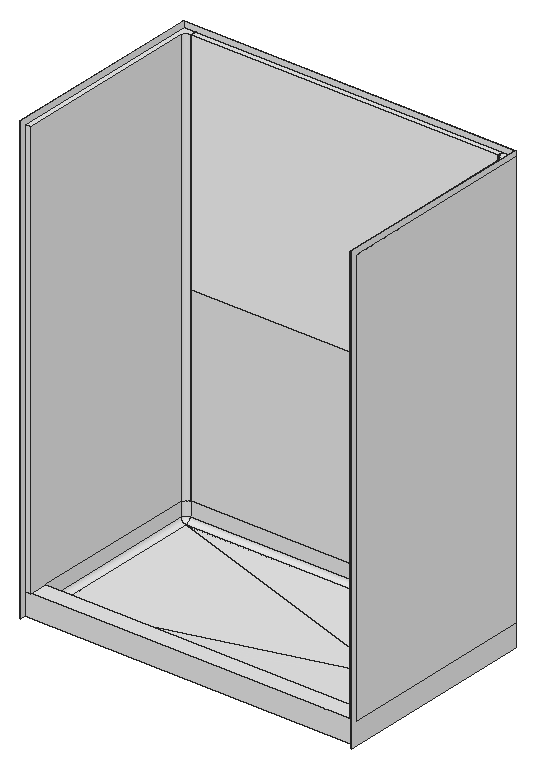
Revit family "5LRS6036SQFB.V2 L-R", category Plumbing Fixtures, Revit 2019
Family settings
  Round Connector Dimension = Use Diameter
  Part Type = Normal
  OmniClass Number = 23.45.05.14.17
  OmniClass Title = Showers
  Work Plane-Based = No
  Always vertical = Yes
  Cut with Voids When Loaded = No
  Shared = No
  Room Calculation Point = No
Parameters (values of type "5LRS6030FBSQ.V2 L/R")
  Unit Width = 60"
  Unit Height = 80 1/2"
  Unit Depth = 37"
  URL = "http://www.bestbath.com/"
  Type Comments = "Remodeler"
  Model = "5LRS6030FBSQ.V2 L/R"
  Material [instance] = Best Bath Gelcoat Fiberglass - Smooth
  Manufacturer = "Best Bath Systems, Inc."
  Keynote = "22 40 00.B3"
  Description = "Real Tile Finish"
  Assembly Code = "D2010710"
Reference planes (in)
  plane 1 "Back": y = -0.5
  plane 2: z = 0
  plane 3 "Left": x = 0
  plane 4: x = 60
  plane 5: z = 4
  plane 6: x = 51.5
  plane 7: y = 35.5
  plane 8: y = 17.5
  plane 9: x = 1.25
  plane 10: x = 58.75
  plane 11: y = 34.25
  plane 12: z = 0.625
  plane 13: z = 0.25
  plane 14: y = -1.5
  plane 15: z = 5
  plane 16: z = 38.25
  plane 17: z = 80.5
Forms (in)
  Extrusion 1, solid, material "Best Bath Gelcoat Fiberglass - Smooth"
    sketch origin (0, 0, 0) x (1, 0, 0) y (0, 1, 0)
      loop
        line (0, -0.5) -> (1.25, -0.5) -> (1.25, 33.25)
        arc (1.25, 33.25) -> (1.54289, 33.95711) -> (2.25, 34.25) r 1
        line (2.25, 34.25) -> (57.75, 34.25)
        arc (57.75, 34.25) -> (58.45711, 33.95711) -> (58.75, 33.25) r 1
        line (58.75, 33.25) -> (58.75, -0.5) -> (60, -0.5) -> (60, 35.5) -> (0, 35.5) -> (0, -0.5)
    from 0 to 4
  Extrusion 2, solid, material "Best Bath Gelcoat Fiberglass - Smooth"
    sketch origin (0, 0, 0) x (1, 0, 0) y (0, 1, 0)
      loop
        line (0, -0.5) -> (60, -0.5) -> (60, 35.5) -> (0, 35.5) -> (0, -0.5)
    from 0 to 0.625
  Sweep 3, solid, material "Best Bath Gelcoat Fiberglass - Smooth"
    path origin (0, 0, 0) x (1, 0, 0) y (0, 1, 0)
      loop
        line (58.75, -0.5) -> (58.75, 33.25)
        arc (58.75, 33.25) -> (58.45711, 33.95711) -> (57.75, 34.25) r 1
        line (57.75, 34.25) -> (2.25, 34.25)
        arc (2.25, 34.25) -> (1.54289, 33.95711) -> (1.25, 33.25) r 1
        line (1.25, 33.25) -> (1.25, -0.5)
    profile origin (1.25, 16.375, 0) x (1, 0, 0) y (0, 0, 1)
      loop
        line (0, 0.625) -> (0.9, 0.625)
        arc (0.9, 0.625) -> (0.2636, 0.8886) -> (0, 1.525) r 0.9
        line (0, 1.525) -> (0, 0.625)
  Blend 4, void
    base sketch origin (0, 0, 0) x (1, 0, 0) y (0, 1, 0)
      loop
        line (2.25, 3.5147) -> (57.75, 3.5147) -> (57.75, 33.25) -> (2.25, 33.25) -> (2.25, 3.5147)
    top sketch origin (0, 0, 0) x (1, 0, 0) y (0, 1, 0)
      loop
        circle (51.5, 17.5) r 0.10467
    from 0.625 to 0.25
  Sweep 5, solid, material "Best Bath Gelcoat Fiberglass - Smooth"
    path origin (0, 0, 0) x (1, 0, 0) y (0, 1, 0)
      loop
        line (1.25, -0.5) -> (58.75, -0.5)
    profile origin (30, -0.5, 0) x (0, 1, 0) y (0, 0, 1)
      loop
        line (0, 4) -> (0, 0) -> (4.11592, 0) -> (3.00305, 4) -> (0, 4)
  Extrusion 6, solid, material "Best Bath Gelcoat Fiberglass - Smooth"
    sketch origin (0, 0, 0) x (1, 0, 0) y (0, 1, 0)
      loop
        line (0, -1.5) -> (0.125, -1.5) -> (0.125, 35.375) -> (59.875, 35.375) -> (59.875, -1.5) -> (60, -1.5) -> (60, 35.5) -> (0, 35.5) -> (0, -1.5)
    from 5 to 80.5
  Extrusion 7, void
    sketch origin (0, 6, 0.625) x (0, 1, 0) y (1, 0, 0)
      loop
        line (15.5, 49) -> (15.5, 54) -> (7.5, 54) -> (7.5, 49) -> (15.5, 49)
    from 0 to 0.5
  Extrusion 8, void
    sketch origin (21.5, -4, 0.625) x (0, 1, 0) y (1, 0, 0)
      loop
        circle (21.5, 30) r 1.75
    from 0 to 1.25
  Extrusion 9, solid
    sketch origin (0.25, 2, 0.125) x (0, 1, 0) y (-1, 0, 0)
      loop
        line (19.5, -48.75) -> (11.5, -48.75) -> (11.5, -53.75) -> (19.5, -53.75) -> (19.5, -48.75)
    from 0 to 0.25
  Extrusion 10, solid, material "Best Bath Gelcoat Fiberglass - Smooth"
    sketch origin (0, -0.86165, 0) x (1, 0, 0) y (0, 1, 0)
      loop
        line (2.25, 36.36165) -> (2.25, 35.11165) -> (57.75, 35.11165) -> (57.75, 36.36165) -> (2.25, 36.36165)
    from 4 to 38.25
  Extrusion 11, solid, material "Best Bath Gelcoat Fiberglass - Smooth"
    sketch origin (0, -0.86165, 0) x (1, 0, 0) y (0, 1, 0)
      loop
        line (2.25, 36.36165) -> (2.25, 35.11165) -> (57.75, 35.11165) -> (57.75, 36.36165) -> (2.25, 36.36165)
    from 38.25 to 79.5
  Extrusion 12, solid, material "Best Bath Gelcoat Fiberglass - Smooth"
    sketch origin (0.25, -0.86165, 0) x (1, 0, 0) y (0, 1, 0)
      loop
        line (-0.25, 0.36165) -> (1, 0.36165) -> (1, 34.11165)
        arc (1, 34.11165) -> (1.29289, 34.81875) -> (2, 35.11165) r 1
        line (2, 35.11165) -> (2, 36.36165) -> (-0.25, 36.36165) -> (-0.25, 0.36165)
      loop
        line (59.75, 0.36165) -> (59.75, 36.36165) -> (57.5, 36.36165) -> (57.5, 35.11165)
        arc (57.5, 35.11165) -> (58.20711, 34.81875) -> (58.5, 34.11165) r 1
        line (58.5, 34.11165) -> (58.5, 0.36165) -> (59.75, 0.36165)
    from 4 to 79.5
  Extrusion 13, solid, material "Best Bath Gelcoat Fiberglass - Smooth"
    sketch origin (0, 0, 0) x (1, 0, 0) y (0, 1, 0)
      loop
        line (0, 35.5) -> (0, -1.5) -> (0.125, -1.5) -> (0.125, 35.375) -> (59.875, 35.375) -> (59.875, -1.5) -> (60, -1.5) -> (60, 35.5) -> (0, 35.5)
    from 0 to 5
Cuts and joins
  Blend 4, Extrusion 7, Extrusion 8 cuts Extrusion 1
  Blend 4, Extrusion 7, Extrusion 8 cuts Extrusion 2
  Blend 4, Extrusion 7, Extrusion 8 cuts Sweep 3
  Extrusion 7, Extrusion 8 cuts Sweep 5
  Extrusion 7, Extrusion 8 cuts Extrusion 6
  joined: Extrusion 1, Extrusion 2, Sweep 3, Sweep 5, Extrusion 6, Extrusion 13
Dimensions and locks (in)
  "Unit Width": plane 3 "Left" to plane 4
  locked: plane 7 to plane 11 at 1.25
  locked: plane 10 to plane 4 at 1.25
  locked: plane 3 "Left" to plane 9 at 1.25
  locked: plane 7 to plane 8 at 18
  locked: plane 12 to plane 13 at 0.375
  locked: plane 12 to level at 0.625
  locked: plane 14 to plane 1 "Back" at 1
  "Unit Depth": plane 7 to plane 14
  "Unit Height": plane 17 to level
  locked: plane 16 to plane 5 at 34.25
  plane 6 to plane 4 = 8 1/2"
  aligned and locked: level to plane 2
  aligned and locked: Sweep 3 to plane 12
  aligned and locked: Sweep 3 sketch curve to plane 12
  aligned and locked: Extrusion 2 to plane 12
  aligned and locked: plane 8 to Blend 4 sketch curve
  aligned and locked: plane 6 to Blend 4 sketch curve
  aligned and locked: Extrusion 2 to Blend 4
  aligned and locked: Blend 4 to plane 13
  aligned and locked: plane 5 to Extrusion 1
  aligned and locked: plane 5 to Sweep 5
  aligned and locked: Extrusion 9 to cut or joined group 1 (Extrusion 1, Extrusion 2, Sweep 3, Blend 4, Sweep 5, Extrusion 6, Extrusion 7, Extrusion 8, Extrusion 13)  (x3)
  aligned and locked: cut or joined group 1 to Extrusion 9
  aligned and locked: Extrusion 11 to Extrusion 10
  aligned and locked: Extrusion 13 to Extrusion 6
  aligned and locked: plane 17 to Extrusion 6
  aligned and locked: Extrusion 10 to Extrusion 11
  aligned and locked: Extrusion 11 to cut or joined group 1
  aligned and locked: Extrusion 11 to plane 16
Automatic sketch dimensions
  Extrusion 1 sketch curve to plane 3 "Left" = 0"
  Extrusion 1 sketch curve to plane 9 = 0"
  Extrusion 1 sketch curve to plane 11 = 0"
  plane 1 "Back" to Extrusion 1 sketch curve = 0"  (x2)
  Extrusion 1 sketch curve to plane 10 = 0"
  Extrusion 1 sketch curve to plane 4 = 0"
  Extrusion 1 sketch curve to plane 7 = 0"
  plane 9 to Extrusion 1 sketch curve = 1"
  Extrusion 1 sketch curve to plane 10 = 1"
  Extrusion 2 sketch curve to plane 3 "Left" = 0"
  Extrusion 2 sketch curve to plane 4 = 0"
  plane 1 "Back" to Extrusion 2 sketch curve = 0"
  Extrusion 2 sketch curve to plane 7 = 0"
  plane 1 "Back" to Sweep 3 sketch curve = 0"  (x2)
  Sweep 3 sketch curve to plane 9 = 0"
  Sweep 3 sketch curve to plane 11 = 0"
  Sweep 3 sketch curve to plane 10 = 0"
  plane 9 to Sweep 3 sketch curve = 1"
  Sweep 3 sketch curve to Sweep 3 sketch curve = 1"
  profile plane to Sweep 3 sketch curve = 0"
  Sweep 3 sketch curve to profile plane = 0.9"
  plane 9 to Blend 4 sketch curve = 1"
  Blend 4 sketch curve to plane 10 = 1"
  Blend 4 sketch curve to plane 1 "Back" = 4.0147"
  Blend 4 sketch curve to plane 11 = 1"
  plane 1 "Back" to Sweep 5 sketch curve = 0"
  Sweep 5 sketch curve to plane 9 = 0"
  Sweep 5 sketch curve to plane 10 = 0"
  Sweep 5 sketch curve to level = 0"
  Sweep 5 sketch curve to profile plane = 0"
  Sweep 5 sketch curve to Sweep 5 sketch curve = 3.00305"
  Sweep 5 sketch curve to Sweep 5 sketch curve = 4.11592"
  level to Sweep 5 sketch curve = 4"
  Extrusion 6 sketch curve to plane 3 "Left" = 0"
  Extrusion 6 sketch curve to plane 14 = 0"  (x2)
  Extrusion 6 sketch curve to plane 4 = 0"
  Extrusion 6 sketch curve to plane 7 = 0"
  plane 3 "Left" to Extrusion 6 sketch curve = 1/8"
  plane 4 to Extrusion 6 sketch curve = 1/8"
  Extrusion 6 sketch curve to plane 7 = 1/8"
  Extrusion 7 sketch curve to Extrusion 2 = 14"
  Extrusion 7 sketch curve to Extrusion 7 sketch curve = 8"
  Extrusion 7 sketch curve to Extrusion 2 = 6"
  Extrusion 7 sketch curve to Extrusion 7 sketch curve = 5"
  Extrusion 8 sketch curve to Extrusion 2 = 8 1/2"
  Extrusion 8 sketch curve to Extrusion 2 = 18"
  Extrusion 9 sketch curve to Extrusion 7 = 0"  (x4)
  Extrusion 10 sketch curve to plane 11 = 0"
  Extrusion 10 sketch curve to plane 7 = 0"
  plane 9 to Extrusion 10 sketch curve = 1"
  Extrusion 10 sketch curve to plane 10 = 1"
  Extrusion 11 sketch curve to plane 11 = 0"
  Extrusion 11 sketch curve to plane 7 = 0"
  plane 9 to Extrusion 11 sketch curve = 1"
  Extrusion 11 sketch curve to plane 10 = 1"
  Extrusion 12 sketch curve to plane 3 "Left" = 0"
  plane 1 "Back" to Extrusion 12 sketch curve = 0"  (x2)
  Extrusion 12 sketch curve to plane 9 = 0"
  Extrusion 12 sketch curve to plane 11 = 0"  (x2)
  Extrusion 12 sketch curve to plane 7 = 0"  (x2)
  Extrusion 12 sketch curve to plane 10 = 0"
  Extrusion 12 sketch curve to plane 4 = 0"
  Extrusion 12 sketch curve to Extrusion 12 sketch curve = 1"
  Extrusion 12 sketch curve to plane 10 = 1"
  Extrusion 13 sketch curve to plane 3 "Left" = 0"
  Extrusion 13 sketch curve to plane 14 = 0"  (x2)
  Extrusion 13 sketch curve to plane 4 = 0"
  Extrusion 13 sketch curve to plane 7 = 0"
  plane 3 "Left" to Extrusion 13 sketch curve = 1/8"
  plane 4 to Extrusion 13 sketch curve = 1/8"
  Extrusion 13 sketch curve to plane 7 = 1/8"
  radius of Blend 4 sketch curve = 0.10467"
  radius of Extrusion 8 sketch curve = 1 3/4"
